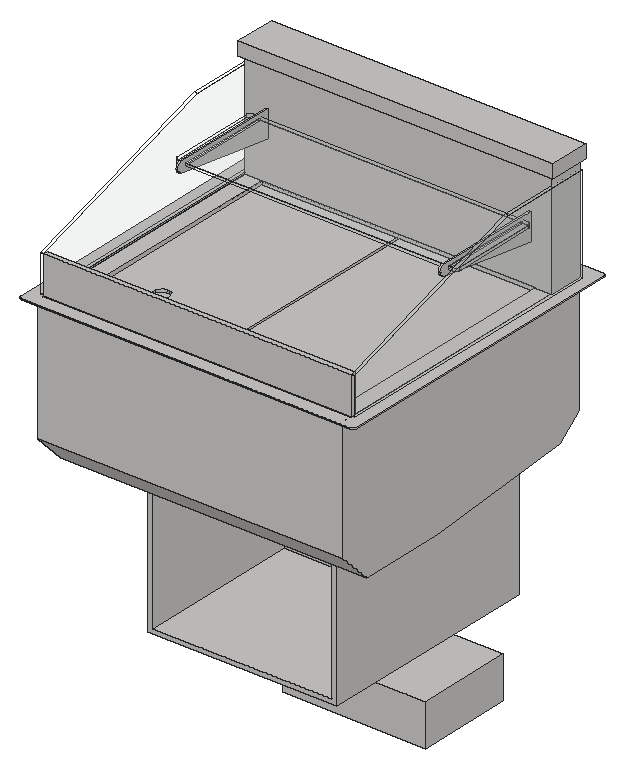
Revit family "QF_ELECTROLUXPROFESSIONAL_341050_D13C2", category Specialty Equipment, Revit 2018
Family settings
  Round Connector Dimension = Use Diameter
  Part Type = Normal
  Work Plane-Based = No
  Always vertical = Yes
  Cut with Voids When Loaded = No
  Shared = No
  Room Calculation Point = No
Parameters (values of type "Standard")
  Weight = 0.00 kg
  Watts = 0 W
  Volts = 220 V
  URL Manufacturer = "http://professional.electrolux.com"
  URL = "http://professional.electrolux.com"
  Steam Supply Size = 0 mm
  Steam Supply Minimum Pressure = 0.0 Pa
  Steam Supply Maximum Pressure = 0.0 Pa
  Steam Pounds per Hour = 0
  Show Clearance [instance] = yes
  Remote Electrical Box_Z [instance] = 200.00 mm
  Remote Electrical Box_Y [instance] = 500.00 mm
  Remote Electrical Box_X [instance] = 600.00 mm
  Refrigeration Suction Line Size = 0 mm
  Refrigeration Liquid Line Size = 0 mm
  Refrigerant Compressor Remote = yes
  Manufacturer = "Electrolux Professional"
  Phase = 1
  Model = "D13C2"
  Length Actual = 800.00 mm  # constant formula
  Item Number = "341050"
  Hot Water Size = 0 mm
  Height Actual = 950.00 mm  # constant formula
  HP = "0 HP"
  Gas Size = 0 mm
  Gas KW = 0
  Gas Input Pressure = 0 W
  Direct Waste Size = 25.4 mm
  Description = "DROP-IN REFRIGERATED WELL, VENTILATED, 1 REF. SHELF AND 1 NEUTRAL SHELF, 2GN"
  Depth Actual = 750.00 mm  # constant formula
  Cycle = 50 Hz
  Controller_Y [instance] = 500.00 mm
  Controller_1Z [instance] = 200.00 mm
  Controller_1X [instance] = 300.00 mm
  Condensate Return Size = 0 mm
  Compressed Air Volume = 0.0 L/s
  Compressed Air Size = 0 mm
  Compressed Air Pressure = 0.0 Pa
  Cold Water Size = 0 mm
  Accessory = yes
Types (2, lengths in mm): name | Volts | URL Manufacturer | URL | Manufacturer | Phase | Model | Item Number | Description | Cycle
  341050.rfa | 0 V | "" | 0.00 | 0.00 | 0 | 0.00 | "" | 0.00 | 0 Hz
  Standard | 220 V | "http://professional.electrolux.com" | "http://professional.electrolux.com" | "Electrolux Professional" | 1 | "D13C2" | "341050" | "DROP-IN REFRIGERATED WELL, VENTILATED, 1 REF. SHELF AND 1 NEUTRAL SHELF, 2GN" | 50 Hz
Reference planes
  plane 1 "Centro (Fronte/Retro)": y = 74.737
  plane 2: z = 0
  plane 3 "BACK": y = 449.737
  plane 4 "FRONT": y = -300.263
  plane 5 "RIGHT": x = -114.269
  plane 6 "LEFT": x = -914.269
  plane 7: x = -514.269
  plane 8 "TOP": z = 900
  plane 9: y = 417.737
  plane 10: y = -268.263
  plane 11: x = -188.269
  plane 12: x = -840.269
  plane 13: y = 412.237
  plane 14: y = -269.483
  plane 15: x = -888.269
  plane 16: x = -140.269
  plane 17: z = 898
  plane 18: x = -689.269
  plane 19: x = -239.269
  plane 20: x = -677.269
  plane 21: x = -251.269
  plane 22: x = -517.269
  plane 23: x = -511.269
  plane 24: x = -880.269
  plane 25: x = -148.269
  plane 26: y = -229.763
  plane 27: y = 404.237
  plane 28: z = 535.31
  plane 29: z = 220
  plane 30: z = 1041
  plane 31: z = 1049
  plane 32: y = 308.954
  plane 33: y = 83.954
  plane 34: x = -850.269
  plane 35: x = -178.269
  plane 36: x = -828.269
  plane 37: x = -824.269
  plane 38: x = -204.269
  plane 39: x = -200.269
  plane 40 "1": y = -109.263
  plane 41: y = -195.263
  plane 42: y = 344.737
  plane 43: x = -614.269
  plane 44: x = -314.269
  plane 45: y = -50.263
  plane 46: y = -50.263
  plane 47: z = 200
  plane 48: z = 200
Forms (mm)
  Extrusion 1, solid, material "QF_Finishes_Stainless Steel"
    sketch origin (0, 0, 900) x (-1, 0, 0) y (0, -1, 0)
      loop
        arc (904.269, -449.737) -> (911.34, -446.808) -> (914.269, -439.737) r 10
        line (914.269, -439.737) -> (914.269, 290.263)
        arc (914.269, 290.263) -> (911.34, 297.334) -> (904.269, 300.263) r 10
        line (904.269, 300.263) -> (124.269, 300.263)
        arc (124.269, 300.263) -> (117.198, 297.334) -> (114.269, 290.263) r 10
        line (114.269, 290.263) -> (114.269, -439.737)
        arc (114.269, -439.737) -> (117.198, -446.808) -> (124.269, -449.737) r 10
        line (124.269, -449.737) -> (904.269, -449.737)
      loop
        line (880.269, -412.237) -> (880.269, 269.483) -> (148.269, 269.483) -> (148.269, -412.237) -> (880.269, -412.237)
    from 0 to -2
  Extrusion 2, solid, material "QF_Finishes_Stainless Steel"
    sketch origin (232.311, 782.737, -30) x (0, -1, 0) y (0, 0, -1)
      loop
        line (588.53, -262) -> (468.413, -262) -> (468.413, -542.28) -> (588.53, -542.28) -> (588.53, -262)
    from -909.58 to -483.58
  Extrusion 3, solid, material "QF_Finishes_Stainless Steel"
    sketch origin (234.231, 362.737, 0) x (0, -1, 0) y (0, 0, -1)
      loop
        line (650.5, -605.13) -> (580.68, -535.31) -> (371.981, -535.31) -> (6.32, -567.301) -> (-49.5, -614.14) -> (-49.5, -898) -> (650.5, -898) -> (650.5, -605.13)
    from -1112 to -385
  Extrusion 4, solid, material "QF_Finishes_Stainless Steel"
    sketch origin (231.731, 362.737, 0) x (0, -1, 0) y (0, 0, -1)
      loop
        line (-48.737, -1150.8) -> (32.063, -1150.8) -> (32.063, -898) -> (-48.737, -898) -> (-48.737, -1150.8)
    from -1112 to -380
  Extrusion 5, void
    sketch origin (0, 0, 900) x (-1, 0, 0) y (0, -1, 0)
      loop
        line (840.269, 205.526) -> (188.269, 205.526) -> (188.269, -330.674) -> (840.269, -330.674) -> (840.269, 205.526)
    from 0 to -15
  Extrusion 6, solid, material "QF_Finishes_Stainless Steel"
    sketch origin (0, 0, 900) x (-1, 0, 0) y (0, -1, 0)
      loop
        line (517.269, -330.674) -> (840.269, -330.674) -> (840.269, 205.526) -> (517.269, 205.526) -> (517.269, -330.674)
    from -15 to -10
  Extrusion 7, solid, material "QF_Finishes_Stainless Steel"
    sketch origin (-1028.537, 0, 900) x (1, 0, 0) y (0, 1, 0)
      loop
        line (517.269, 330.674) -> (517.269, -205.526) -> (840.269, -205.526) -> (840.269, 330.674) -> (517.269, 330.674)
    from -15 to -10
  Extrusion 8, solid, material "QF_Finishes_Stainless Steel"
    sketch origin (231.731, 362.737, 0) x (0, -1, 0) y (0, 0, -1)
      loop
        line (41.663, -1182.8) -> (41.663, -1150.8) -> (-58.337, -1150.8) -> (-58.337, -1182.8) -> (41.663, -1182.8)
    from -1120 to -372
  Extrusion 9, solid, material "QF_Finishes_Glass"
    sketch origin (231.731, 362.737, 0) x (0, -1, 0) y (0, 0, -1)
      loop
        line (628.263, -989.8) -> (628.263, -900) -> (-48.737, -900) -> (-48.737, -1130.8) -> (171.263, -1130.8) -> (628.263, -989.8)
    from -372 to -380
  Extrusion 10, solid, material "QF_Finishes_Glass"
    sketch origin (-1260.269, 362.737, 0) x (0, -1, 0) y (0, 0, 1)
      loop
        line (628.263, 989.8) -> (171.263, 1130.8) -> (-48.737, 1130.8) -> (-48.737, 900) -> (628.263, 900) -> (628.263, 989.8)
    from -372 to -380
  Extrusion 11, solid, material "QF_Finishes_Stainless Steel"
    sketch origin (231.731, 362.737, 0) x (0, -1, 0) y (0, 0, -1)
      loop
        line (628.263, -900) -> (618.263, -900) -> (618.263, -989.8) -> (628.263, -989.8) -> (628.263, -900)
    from -1112 to -380
  Extrusion 12, solid, material "QF_Finishes_Glass"
    sketch origin (0, 0, 900) x (-1, 0, 0) y (0, -1, 0)
      loop
        line (850.219, -298.95) -> (850.219, -93.97)
        arc (850.219, -93.97) -> (847.273, -86.858) -> (840.161, -83.912) r 10.058
        line (840.161, -83.912) -> (188.269, -83.912)
        arc (188.269, -83.912) -> (181.198, -86.883) -> (178.269, -93.954) r 10
        line (178.269, -93.954) -> (178.269, -298.954)
        arc (178.269, -298.954) -> (180.997, -305.819) -> (187.694, -308.938) r 10
        line (187.694, -308.938) -> (840.247, -308.938)
        arc (840.247, -308.938) -> (847.304, -306.011) -> (850.219, -298.95) r 9.972
    from 141 to 149
  Extrusion 13, solid, material "QF_Finishes_Stainless Steel"
    sketch origin (231.731, 362.737, 0) x (0, -1, 0) y (0, 0, -1)
      loop
        line (32.063, -1057) -> (288, -1057)
        arc (288, -1057) -> (300, -1045) -> (288, -1033) r 12
        line (288, -1033) -> (32.063, -992.464) -> (32.063, -1057)
      loop
        line (278.825, -1049) -> (278.825, -1041) -> (53.8, -1041) -> (53.8, -1049) -> (278.825, -1049)
    from -436 to -432
  Extrusion 14, solid, material "QF_Finishes_Stainless Steel"
    sketch origin (-392.269, 362.737, 0) x (0, -1, 0) y (0, 0, -1)
      loop
        line (32.063, -1057) -> (288, -1057)
        arc (288, -1057) -> (300, -1045) -> (288, -1033) r 12
        line (288, -1033) -> (32.063, -992.464) -> (32.063, -1057)
      loop
        line (278.825, -1049) -> (278.825, -1041) -> (53.8, -1041) -> (53.8, -1049) -> (278.825, -1049)
    from -436 to -432
  Sweep 15, solid, material "QF_Finishes_Stainless Steel"
    path origin (0, -109.263, 0) x (-1, 0, 0) y (0, 0, 1)
      loop
        line (724.784, 535.31) -> (724.784, 504) -> (818.269, 504)
    profile origin (-724.784, -109.263, 519.655) x (0, 1, 0) y (-1, 0, 0)
      loop
        circle (0, 0) r 18
  Extrusion 16, void
    sketch origin (93.172, -437.297, 900) x (-1, 0, 0) y (0, -1, 0)
      loop
        circle (817.956, -328.034) r 18
    from -15 to -10
  Extrusion 17, solid, material "QF_Finishes_Stainless Steel"
    sketch origin (0, 74.737, 0) x (1, 0, 0) y (0, 0, 1)
      loop
        line (-239.269, 535.31) -> (-251.269, 535.31) -> (-251.269, 232) -> (-677.269, 232) -> (-677.269, 535.31) -> (-689.269, 535.31) -> (-689.269, 220) -> (-239.269, 220) -> (-239.269, 535.31)
    from -270 to 270
Cuts and joins
  Extrusion 5 cuts Extrusion 4
  Extrusion 5, Extrusion 16 cuts Extrusion 3
  Extrusion 16 cuts Extrusion 7
  Extrusion 16 cuts Extrusion 6
Lines and regions (mm)
  symbolic lines
    curve 1: line (-124.269, 449.737, 900) -> (-904.269, 449.737, 900)
    curve 2: arc (-904.269, 449.737, 900) -> (-911.34, 446.808, 900) -> (-914.269, 439.737, 900) r 10
    curve 3: line (-914.269, 439.737, 900) -> (-914.269, -290.263, 900)
    curve 4: arc (-914.269, -290.263, 900) -> (-911.34, -297.334, 900) -> (-904.269, -300.263, 900) r 10
    curve 5: line (-904.269, -300.263, 900) -> (-124.269, -300.263, 900)
    curve 6: arc (-124.269, -300.263, 900) -> (-117.198, -297.334, 900) -> (-114.269, -290.263, 900) r 10
    curve 7: line (-114.269, -290.263, 900) -> (-114.269, 439.737, 900)
    curve 8: arc (-114.269, 439.737, 900) -> (-117.198, 446.808, 900) -> (-124.269, 449.737, 900) r 10
    curve 9: line (-140.269, 421.074, 900) -> (-140.269, -269.483, 900)
    curve 10: line (-140.269, -269.483, 900) -> (-888.269, -269.483, 900)
    curve 11: line (-888.269, -269.483, 900) -> (-888.269, 421.074, 900)
    curve 12: line (-140.269, 421.074, 900) -> (-888.269, 421.074, 900)
    curve 13: line (-888.269, 321.074, 900) -> (-140.269, 321.074, 900)
    curve 14: line (-148.269, -205.526, 900) -> (-880.269, -205.526, 900)
    curve 15: line (-148.269, -255.526, 900) -> (-880.269, -255.526, 900)
    curve 16: line (-888.269, -265.526, 900) -> (-140.269, -265.526, 900)
    curve 17: line (-517.269, -205.526, 900) -> (-517.269, 84.474, 900)
    curve 18: line (-511.269, 83.912, 900) -> (-511.269, -205.526, 900)
    curve 19: line (-880.269, 321.074, 900) -> (-880.269, -265.526, 900)
    curve 20: line (-148.269, -265.526, 900) -> (-148.269, 321.074, 900)
    curve 21: line (-850.219, 298.965, 900) -> (-850.219, 93.97, 900)
    curve 22: arc (-840.247, 308.938, 900) -> (-847.298, 306.017, 900) -> (-850.219, 298.965, 900) r 9.972
    curve 23: line (-187.694, 308.938, 900) -> (-200.269, 308.938, 900)
    curve 24: arc (-178.269, 298.954, 900) -> (-180.997, 305.819, 900) -> (-187.694, 308.938, 900) r 10
    curve 25: line (-178.269, 93.954, 900) -> (-178.269, 298.954, 900)
    curve 26: arc (-188.269, 83.954, 900) -> (-181.198, 86.883, 900) -> (-178.269, 93.954, 900) r 10
    curve 27: line (-840.161, 83.912, 900) -> (-188.269, 83.912, 900)
    curve 28: arc (-850.219, 93.97, 900) -> (-847.273, 86.858, 900) -> (-840.161, 83.912, 900) r 10.058
    curve 29: line (-828.269, 321.074, 900) -> (-828.269, 62.737, 900)
    curve 30: line (-824.269, 321.074, 900) -> (-824.269, 62.737, 900)
    curve 31: line (-828.269, 62.737, 900) -> (-824.269, 62.737, 900)
    curve 32: line (-204.269, 321.074, 900) -> (-204.269, 62.737, 900)
    curve 33: line (-204.269, 62.737, 900) -> (-200.269, 62.737, 900)
    curve 34: line (-200.269, 62.737, 900) -> (-200.269, 321.074, 900)
    curve 35: line (-204.269, 308.938, 900) -> (-824.269, 308.938, 900)
    curve 36: line (-828.269, 308.938, 900) -> (-840.247, 308.938, 900)
    curve 37: line (-840.269, -205.526, 900) -> (-840.269, 84.474, 900)
    curve 38: line (-188.269, -205.526, 900) -> (-188.269, 83.954, 900)
    curve 39: line (-840.247, 308.938, 900) -> (-840.247, 321.074, 900)
    curve 40: line (-187.694, 308.938, 900) -> (-187.694, 321.074, 900)
    curve 41: line (-517.269, 308.938, 900) -> (-517.269, 321.074, 900)
    curve 42: line (-511.269, 308.938, 900) -> (-511.269, 321.074, 900)
    curve 43: arc (-724.784, -127.263, 900) -> (-706.784, -109.263, 900) -> (-724.784, -91.263, 900) r 18
    curve 44: arc (-724.784, -91.263, 900) -> (-742.784, -109.263, 900) -> (-724.784, -127.263, 900) r 18
  symbolic lines, style "SpecialityEquipmentHiddenLines"
    curve 45: line (-689.269, 344.737, 900) -> (-239.269, 344.737, 900)
    curve 46: line (-689.269, -195.263, 900) -> (-689.269, 344.737, 900)
    curve 47: line (-239.269, -195.263, 900) -> (-689.269, -195.263, 900)
    curve 48: line (-239.269, 344.737, 900) -> (-239.269, -195.263, 900)
    curve 49: line (-877.769, 412.237, 900) -> (-877.769, -287.763, 900)
    curve 50: line (-877.769, -287.763, 900) -> (-150.769, -287.763, 900)
    curve 51: line (-150.769, -287.763, 900) -> (-150.769, 412.237, 900)
    curve 52: line (-150.769, 412.237, 900) -> (-877.769, 412.237, 900)
Dimensions and locks
  plane 6 "LEFT" to plane 5 "RIGHT" = 800.00 mm
  equal spacing: plane 3 "BACK", plane 1 "Centro (Fronte/Retro)", plane 4 "FRONT"
  plane 3 "BACK" to plane 4 "FRONT" = 750.00 mm
  equal spacing: plane 6 "LEFT", plane 7, plane 5 "RIGHT"
  locked: plane 8 "TOP" to plane 2 at 900
  locked: plane 6 "LEFT" to plane 12 at 74
  locked: plane 11 to plane 5 "RIGHT" at 74
  locked: plane 3 "BACK" to plane 9 at 32
  locked: plane 10 to plane 4 "FRONT" at 32
  locked: plane 3 "BACK" to plane 13 at 37.5
  locked: plane 14 to plane 4 "FRONT" at 30.78
  locked: plane 6 "LEFT" to plane 15 at 26
  locked: plane 16 to plane 5 "RIGHT" at 26
  locked: plane 8 "TOP" to plane 17 at 2
  plane 19 to plane 18 = 450.00 mm  (x2)
  locked: plane 20 to plane 18 at 12
  locked: plane 19 to plane 21 at 12
  locked: plane 22 to plane 23 at 6
  locked: plane 15 to plane 24 at 8
  locked: plane 25 to plane 16 at 8
  plane 19 to plane 7 to plane 18 = 275.00 mm, 175.00 mm
  plane 8 "TOP" to plane 28 = 364.69 mm
  plane 8 "TOP" to plane 29 = 680.00 mm
  plane 30 to plane 8 "TOP" = 141.00 mm
  locked: plane 31 to plane 30 at 8
  plane 34 to plane 35 = 672.00 mm
  equal spacing: plane 34, plane 7, plane 35
  plane 34 to plane 36 to plane 37 = 22.00 mm locked, 4.00 mm locked
  plane 38 to plane 39 to plane 35 = 4.00 mm locked, 22.00 mm locked
  plane 5 "RIGHT" to plane 19 = 125.00 mm
  equal spacing: plane 41, plane 1 "Centro (Fronte/Retro)", plane 42
  plane 41 to plane 42 = 540.00 mm
  "Controller_Y": plane 3 "BACK" to plane 46
  "Remote Electrical Box_Y": plane 3 "BACK" to plane 45
  "Controller_1X": plane 6 "LEFT" to plane 43
  "Remote Electrical Box_X": plane 6 "LEFT" to plane 44
  "Controller_1Z": plane 47 to plane 2
  "Remote Electrical Box_Z": plane 48 to plane 2
  aligned and locked: level to plane 2
  aligned and locked: Extrusion 1 sketch curve to plane 3 "BACK"
  aligned and locked: plane 6 "LEFT" to Extrusion 1 sketch curve
  aligned and locked: plane 4 "FRONT" to Extrusion 1 sketch curve
  aligned and locked: Extrusion 1 sketch curve to plane 5 "RIGHT"
  aligned and locked: Extrusion 1 sketch curve to plane 13
  aligned and locked: plane 14 to Extrusion 1 sketch curve
  aligned and locked: Extrusion 2 to plane 20
  aligned and locked: Extrusion 2 to plane 21
  aligned and locked: Extrusion 5 sketch curve to cut or joined group of Extrusion 4, Extrusion 5
  aligned and locked: Extrusion 6 sketch curve to cut or joined group of Extrusion 4, Extrusion 5
  aligned and locked: plane 22 to Extrusion 6 sketch curve
  aligned and locked: Extrusion 6 sketch curve to cut or joined group of Extrusion 3, Extrusion 5, Extrusion 16  (x2)
  aligned and locked: Extrusion 9 to plane 25
  aligned and locked: Extrusion 5 sketch curve to plane 12
  aligned and locked: plane 11 to Extrusion 5 sketch curve
  aligned and locked: Extrusion 7 sketch curve to plane 11
  aligned and locked: plane 24 to Extrusion 10
  aligned and locked: Extrusion 4 to plane 24
  aligned and locked: plane 25 to Extrusion 4
  aligned and locked: Extrusion 11 to plane 24
  aligned and locked: plane 25 to Extrusion 11
  aligned and locked: cut or joined group of Extrusion 3, Extrusion 5, Extrusion 16 to Extrusion 7
  aligned and locked: Extrusion 12 to plane 30
  aligned and locked: plane 31 to Extrusion 12
  aligned and locked: plane 43 to nested 2
  aligned and locked: plane 44 to nested 3
  aligned and locked: plane 45 to nested 3
  aligned and locked: nested 2 to plane 46
  aligned and locked: nested 3 to plane 48
  aligned and locked: nested 2 to plane 47
Automatic sketch dimensions
  Extrusion 1 sketch curve to plane 5 "RIGHT" = 10.00 mm
  Extrusion 1 sketch curve to plane 3 "BACK" = 10.00 mm  (x2)
  Extrusion 1 sketch curve to Extrusion 1 sketch curve = 10.00 mm
  plane 40 "1" to Extrusion 2 sketch curve = 423.587 mm
  plane 26 to Extrusion 2 sketch curve = 423.97 mm
  Extrusion 2 sketch curve to plane 28 = 23.03 mm
  plane 29 to Extrusion 2 sketch curve = 12.00 mm
  Extrusion 3 sketch curve to plane 28 = 0.00 mm
  plane 13 to Extrusion 3 sketch curve = 0.00 mm
  plane 32 to Extrusion 3 sketch curve = 47.463 mm
  plane 1 "Centro (Fronte/Retro)" to Extrusion 3 sketch curve = 83.981 mm
  plane 26 to Extrusion 3 sketch curve = 11.82 mm
  plane 4 "FRONT" to Extrusion 3 sketch curve = 12.50 mm
  plane 28 to Extrusion 3 sketch curve = 78.83 mm
  plane 28 to Extrusion 3 sketch curve = 69.82 mm
  plane 28 to Extrusion 3 sketch curve = 31.991 mm
  Extrusion 4 sketch curve to plane 17 = 0.00 mm
  Extrusion 4 sketch curve to plane 13 = 0.763 mm
  plane 32 to Extrusion 4 sketch curve = 21.72 mm
  plane 31 to Extrusion 4 sketch curve = 101.80 mm
  plane 26 to Extrusion 5 sketch curve = 24.237 mm
  Extrusion 7 sketch curve to plane 23 = 0.00 mm
  Extrusion 7 sketch curve to plane 32 = 21.72 mm
  Extrusion 7 sketch curve to plane 26 = 24.237 mm
  plane 9 to Extrusion 8 sketch curve = 3.337 mm
  plane 32 to Extrusion 8 sketch curve = 12.12 mm
  plane 31 to Extrusion 8 sketch curve = 133.80 mm
  Extrusion 8 sketch curve to Extrusion 8 sketch curve = 32.00 mm
  Extrusion 9 sketch curve to plane 8 "TOP" = 0.00 mm
  Extrusion 9 sketch curve to plane 13 = 0.763 mm
  plane 33 to Extrusion 9 sketch curve = 107.52 mm
  plane 10 to Extrusion 9 sketch curve = 2.737 mm
  Extrusion 9 sketch curve to plane 30 = 51.20 mm
  plane 31 to Extrusion 9 sketch curve = 81.80 mm
  Extrusion 10 sketch curve to plane 8 "TOP" = 0.00 mm
  Extrusion 10 sketch curve to plane 13 = 0.763 mm
  plane 33 to Extrusion 10 sketch curve = 107.52 mm
  plane 10 to Extrusion 10 sketch curve = 2.737 mm
  Extrusion 10 sketch curve to plane 30 = 51.20 mm
  plane 31 to Extrusion 10 sketch curve = 81.80 mm
  Extrusion 11 sketch curve to plane 8 "TOP" = 0.00 mm
  plane 10 to Extrusion 11 sketch curve = 12.737 mm
  plane 10 to Extrusion 11 sketch curve = 2.737 mm
  Extrusion 11 sketch curve to plane 30 = 51.20 mm
  Extrusion 12 sketch curve to plane 35 = 0.00 mm
  Extrusion 12 sketch curve to plane 11 = 0.00 mm  (x3)
  Extrusion 12 sketch curve to plane 33 = 0.00 mm
  Extrusion 12 sketch curve to plane 32 = 0.017 mm
  plane 11 to Extrusion 12 sketch curve = 0.574 mm
  Extrusion 12 sketch curve to plane 33 = 0.042 mm
  plane 12 to Extrusion 12 sketch curve = 0.107 mm
  plane 12 to Extrusion 12 sketch curve = 0.022 mm
  plane 34 to Extrusion 12 sketch curve = 0.05 mm
  Extrusion 12 sketch curve to Extrusion 12 sketch curve = 9.972 mm
  Extrusion 13 sketch curve to plane 30 = 0.00 mm
  Extrusion 13 sketch curve to plane 31 = 0.00 mm
  Extrusion 13 sketch curve to plane 1 "Centro (Fronte/Retro)" = 0.00 mm
  Extrusion 13 sketch curve to plane 33 = 0.042 mm
  Extrusion 13 sketch curve to plane 32 = 0.017 mm
  plane 31 to Extrusion 13 sketch curve = 8.00 mm
  plane 32 to Extrusion 13 sketch curve = 21.72 mm
  plane 30 to Extrusion 13 sketch curve = 4.00 mm
  Extrusion 13 sketch curve to plane 30 = 48.536 mm
  Extrusion 14 sketch curve to plane 30 = 0.00 mm
  Extrusion 14 sketch curve to plane 31 = 0.00 mm
  Extrusion 14 sketch curve to plane 1 "Centro (Fronte/Retro)" = 0.00 mm
  Extrusion 14 sketch curve to plane 33 = 0.042 mm
  Extrusion 14 sketch curve to plane 32 = 0.017 mm
  plane 31 to Extrusion 14 sketch curve = 8.00 mm
  plane 32 to Extrusion 14 sketch curve = 21.72 mm
  plane 30 to Extrusion 14 sketch curve = 4.00 mm
  Extrusion 14 sketch curve to plane 30 = 48.536 mm
  Sweep 15 sketch curve to plane 28 = 0.00 mm
  Sweep 15 sketch curve to plane 18 = 35.515 mm
  Sweep 15 sketch curve to Sweep 15 sketch curve = 31.31 mm
  plane 37 to Sweep 15 sketch curve = 6.00 mm
  Sweep 15 sketch curve to plane 40 "1" = 0.00 mm
  Sweep 15 sketch curve to profile plane = 0.00 mm
  plane 40 "1" to Extrusion 16 sketch curve = 0.00 mm
  Extrusion 16 sketch curve to plane 18 = 35.515 mm
  Extrusion 17 sketch curve to plane 18 = 0.00 mm
  Extrusion 17 sketch curve to plane 20 = 0.00 mm
  Extrusion 17 sketch curve to plane 21 = 0.00 mm
  Extrusion 17 sketch curve to plane 19 = 0.00 mm
  Extrusion 17 sketch curve to plane 29 = 0.00 mm
  Extrusion 17 sketch curve to plane 28 = 0.00 mm  (x2)
  plane 29 to Extrusion 17 sketch curve = 12.00 mm
  Extrusion 3 sketch curve to plane 17 = 0.00 mm
  plane 15 to Extrusion 1 sketch curve = 8.00 mm
  Extrusion 1 sketch curve to plane 16 = 8.00 mm
  curve 43 to curve 44 = 0.00 mm  (x2)
  curve 7 to plane 5 "RIGHT" = 0.00 mm
  curve 8 to plane 3 "BACK" = 0.00 mm
  curve 6 to plane 4 "FRONT" = 0.00 mm
  curve 12 to plane 16 = 0.00 mm
  curve 20 to plane 25 = 0.00 mm
  curve 25 to plane 35 = 0.00 mm
  curve 24 to plane 11 = 0.00 mm
  curve 38 to plane 11 = 0.00 mm
  curve 27 to plane 11 = 0.00 mm
  curve 34 to plane 39 = 0.00 mm
  curve 33 to plane 38 = 0.00 mm
  curve 48 to plane 19 = 0.00 mm
  curve 42 to plane 23 = 0.00 mm
  curve 18 to plane 23 = 0.00 mm
  curve 17 to plane 22 = 0.00 mm
  curve 41 to plane 22 = 0.00 mm
  curve 47 to plane 18 = 0.00 mm
  curve 44 to plane 40 "1" = 0.00 mm
  curve 30 to plane 37 = 0.00 mm
  curve 36 to plane 36 = 0.00 mm
  curve 37 to plane 12 = 0.00 mm
  curve 19 to plane 24 = 0.00 mm
  curve 11 to plane 14 = 0.00 mm
  curve 11 to plane 15 = 0.00 mm
  curve 4 to plane 6 "LEFT" = 0.00 mm
  curve 48 to plane 42 = 0.00 mm
  curve 38 to plane 33 = 0.00 mm
  curve 48 to plane 41 = 0.00 mm
  curve 7 to curve 8 = 10.00 mm
  plane 4 "FRONT" to curve 6 = 10.00 mm
  curve 51 to plane 25 = 2.50 mm
  curve 23 to plane 32 = 0.017 mm
  plane 11 to curve 23 = 0.574 mm
  curve 44 to plane 18 = 35.515 mm
  plane 12 to curve 28 = 0.107 mm
  plane 12 to curve 36 = 0.022 mm
  plane 34 to curve 21 = 0.05 mm
  plane 24 to curve 49 = 2.50 mm
  plane 6 "LEFT" to curve 5 = 10.00 mm
  curve 2 to curve 2 = 10.00 mm
  plane 9 to curve 12 = 3.337 mm
  plane 13 to curve 51 = 0.00 mm
  curve 39 to plane 32 = 0.017 mm
  plane 33 to curve 21 = 10.016 mm
  plane 1 "Centro (Fronte/Retro)" to curve 33 = 12.00 mm
  plane 1 "Centro (Fronte/Retro)" to curve 30 = 12.00 mm
  plane 4 "FRONT" to curve 50 = 12.50 mm
  plane 32 to curve 30 = 12.12 mm
  curve 35 to plane 32 = 0.017 mm
  plane 33 to curve 17 = 0.52 mm
  plane 33 to curve 37 = 0.52 mm
  plane 40 "1" to curve 43 = 18.00 mm
  curve 14 to plane 41 = 10.263 mm
  plane 10 to curve 15 = 12.737 mm
  plane 10 to curve 19 = 2.737 mm
  radius of Sweep 15 sketch curve = 18.00 mm
  radius of Extrusion 16 sketch curve = 18.00 mm
Nested families
  nested 1: "Refrigerator" at (-294.269, -110.263, 900), type "Refrigerator"
  nested 2: "Controller" at (-614.269, -50.263, 200), type "Controller"
  nested 3: "Remote_Electrical_Box" at (-314.269, 64.737, 100), type "Remote_Electrical_Box"
Connectors
  piping at (-818.269, -109.263, 504), diameter 36
    settings: on Sweep 15, index 1, connector inside diameter 609.6 mm, connector length 0.00 mm, flow factor 0, pipe flow 0.0 L/s, pressure drop 0.0 Pa, fitting loss kfactor 0, connector angle 0.00°, fixture units 0, engagement length 0.00 mm, angle of deflection 0.00°, flow configuration 1, flow direction 1, fitting loss method 0, system type 16, joint type 0, gender type 0, connector reference index -1, connector utility 0, adjustable connector no, is connector primary yes, connector description "Drain"
  electrical at (-444.269, -77.263, 149.381)
    settings: on nested 3, index 2, voltage 0 V, apparent load 0 VA, apparent load phase1 0 VA, apparent load phase2 0 VA, apparent load phase3 0 VA, power factor 1, load classification "Altro", number of poles 1, system type 14, power factor state 1, is connector primary yes, connector utility no, sub classification motor no, connector description ""
Definition of nested family "Controller"
  Reference planes
    plane 1 "Center (Front/Back)": y = 0
    plane 2: z = 0
    plane 3 "Center (Left/Right)": x = 0
  Forms (mm)
    Extrusion 1, solid
      sketch origin (0, 44.769, -48.2) x (1, 0, 0) y (0, 1, 0)
        loop
          line (-76, 43.231) -> (-76, -47.65) -> (76, -47.65) -> (76, 43.231) -> (-76, 43.231)
      from 6.2 to 48.2
    Extrusion 2, solid
      sketch origin (0, 44.769, -48.2) x (1, 0, 0) y (0, 0, 1)
        loop
          line (-92.25, 54.4) -> (-92.25, 0) -> (92.25, 0) -> (92.25, 54.4) -> (-92.25, 54.4)
        loop
          line (-76, 48.2) -> (-76, 6.2) -> (76, 6.2) -> (76, 48.2) -> (-76, 48.2)
      from 44.769 to 47.65
    Extrusion 3, solid
      sketch origin (76, -2.881, -48.2) x (-1, 0, 0) y (0, 0, -1)
        loop
          line (106, -37.2) -> (126, -37.2) -> (126, -17.2) -> (106, -17.2) -> (106, -37.2)
        loop
          line (66, -37.2) -> (86, -37.2) -> (86, -17.2) -> (66, -17.2) -> (66, -37.2)
        loop
          line (26, -37.2) -> (46, -37.2) -> (46, -17.2) -> (26, -17.2) -> (26, -37.2)
      from 0 to 2
    Extrusion 4, void
      sketch origin (0, 0, 0) x (1, 0, 0) y (0, 1, 0)
        loop
          line (76, 88) -> (-76, 88) -> (-76, 0) -> (76, 0) -> (76, 88)
      from 0 to -42
  Cuts and joins
    Extrusion 4 cuts Extrusion 2
    joined: Extrusion 1, Extrusion 2
  Lines and regions (mm)
    symbolic lines
      curve 1: line (-76, 88, 0) -> (-76, 0, 0)
      curve 2: line (76, 88, 0) -> (-76, 88, 0)
      curve 3: line (76, 0, 0) -> (76, 88, 0)
      curve 4: line (-92.25, -2.881, 0) -> (92.25, -2.881, 0)
      curve 5: line (-92.25, 0, 0) -> (-92.25, -2.881, 0)
      curve 6: line (92.25, 0, 0) -> (-92.25, 0, 0)
      curve 7: line (92.25, -2.881, 0) -> (92.25, 0, 0)
  Dimensions and locks
    aligned and locked: level to plane 2
Definition of nested family "Remote_Electrical_Box"
  Parameters (values of type "Remote_Electrical_Box")
    Default Elevation = 1219.20 mm
  Reference planes
    plane 1 "Center (Front/Back)": y = 0
    plane 2: z = 0
    plane 3 "Center (Left/Right)": x = 0
    plane 4: x = -170
    plane 5: x = 170
    plane 6: y = 115
    plane 7: y = -115
    plane 8: z = 100
    plane 9: z = 50
  Forms (mm)
    Extrusion 1, solid
      sketch origin (0, 0, 0) x (1, 0, 0) y (0, 1, 0)
        loop
          line (-170, 115) -> (-170, -115) -> (170, -115) -> (170, 115) -> (-170, 115)
      from 0 to 100
    Extrusion 2, solid
      sketch origin (0, 0, 0) x (1, 0, 0) y (0, 0, 1)
        loop
          circle (-130, 49.381) r 13
      from 115 to 142
  Lines and regions (mm)
    symbolic lines
      curve 1: line (-170, 115, 0) -> (170, 115, 0)
      curve 2: line (-170, -115, 0) -> (-170, 115, 0)
      curve 3: line (170, -115, 0) -> (-170, -115, 0)
      curve 4: line (170, 115, 0) -> (170, -115, 0)
      curve 5: line (-143, -142, 0) -> (-117, -142, 0)
      curve 6: line (-143, -142, 0) -> (-143, -115, 0)
      curve 7: line (-117, -142, 0) -> (-117, -115, 0)
  Dimensions and locks
    equal spacing: plane 4, plane 3 "Center (Left/Right)", plane 5
    equal spacing: plane 6, plane 1 "Center (Front/Back)", plane 7
    plane 4 to plane 5 = 340.00 mm
    plane 6 to plane 7 = 230.00 mm
    Extrusion 1 to Extrusion 2 sketch curve = 40.00 mm
    equal spacing: plane 8, plane 9, plane 2
    aligned and locked: level to plane 2
    aligned and locked: Extrusion 1 sketch curve to plane 6
    aligned and locked: plane 4 to Extrusion 1 sketch curve
    aligned and locked: plane 7 to Extrusion 1 sketch curve
    aligned and locked: Extrusion 1 sketch curve to plane 5
    aligned and locked: plane 7 to Extrusion 2
    aligned and locked: plane 8 to Extrusion 1
  Automatic sketch dimensions
    level to Extrusion 2 sketch curve = 49.381 mm
    curve 3 to plane 4 = 0.00 mm
    curve 7 to plane 7 = 0.00 mm
    curve 3 to plane 5 = 0.00 mm
    curve 2 to plane 6 = 0.00 mm
    plane 4 to curve 6 = 27.00 mm
    curve 5 to curve 6 = 27.00 mm
    curve 6 to curve 7 = 26.00 mm
    radius of Extrusion 2 sketch curve = 13.00 mm
Definition of nested family "Refrigerator"
  Reference planes
    plane 1 "Center (Front/Back)": y = 0
    plane 2: z = 0
    plane 3 "Center (Left/Right)": x = 0
  Lines and regions (mm)
    detail lines, in view "Ref. Level"
      curve 1: line (0, -60, 0) -> (0, 60, 0)
      curve 2: line (-51.962, 30, 0) -> (51.962, -30, 0)
      curve 3: line (-51.962, -30, 0) -> (51.962, 30, 0)
      curve 4: line (19.116, 56.873, 0) -> (0, 35, 0)
      curve 5: line (0, 35, 0) -> (-19.116, 56.873, 0)
      curve 6: line (-30.311, 17.5, 0) -> (-40, 45.883, 0)
      curve 7: line (-59.736, 11.7, 0) -> (-30.311, 17.5, 0)
      curve 8: line (-30.311, -17.5, 0) -> (-59.736, -11.7, 0)
      curve 9: line (-40, -45.883, 0) -> (-30.311, -17.5, 0)
      curve 10: line (0, -35, 0) -> (-19.116, -56.873, 0)
      curve 11: line (19.116, -56.873, 0) -> (0, -35, 0)
      curve 12: line (30.311, -17.5, 0) -> (39.696, -44.992, 0)
      curve 13: line (58.812, -11.882, 0) -> (30.311, -17.5, 0)
      curve 14: line (30.311, 17.5, 0) -> (58.812, 11.882, 0)
      curve 15: line (39.696, 44.992, 0) -> (30.311, 17.5, 0)
